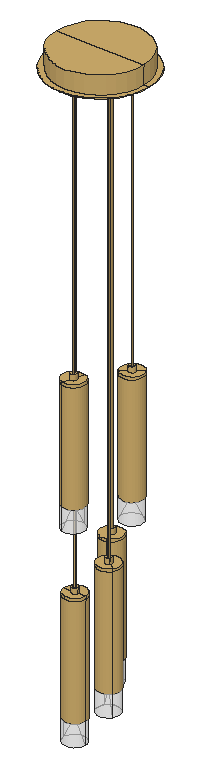
Revit family "3-6194-xx Alarum pendant", category Luminarias, Revit 2021
Family settings
  Anfitrión = Techo
  Cota de conector redondo = Diámetro de uso
  Tipo de pieza = Normal
  Número OmniClass = 23.80.70.11
  Título OmniClass = Luminaries for Internal Lighting
  Siempre vertical = Sí
  Corte con vacíos al cargar = No
  Origen de luz = Sí
  Compartido = No
  Punto de cálculo de habitación = No
Parameters (values of type "3-6194-40 / Aged Brass - Matte White Acrylic")
  Pendant height [instance] = 60.00"
  Comentarios de vataje = "19 W at 120 V"  # constant formula
  Wattage = 19 W
  built-in parameter 1150110 = 1 (stored number, unit not read)
  Voltage Input = "120 V or 277 V - 50/60 Hz"  # constant formula
  Voltage = 277 V
  URL = ""
  built-in parameter 1114217 = 1 (stored number, unit not read)
  Tilt Angle = 90.00°  # constant formula
  built-in parameter 1150109 = 1 (stored number, unit not read)
  built-in parameter 1150134 = (empty or 0)
  built-in parameter 1150113 = 1 (stored number, unit not read)
  References = "Ref. 3 = 120 V / Ref. 37 = 277 V"  # constant formula
  Archivo de red fotométrica = "3-6194-15 Alarum 5 Lt Pendant.ies"
  Modelo = "3-6194-xxx Alarun (Pendant)"  # constant formula
  Metal Finish = 40 - Aged Brass
  Fabricante = "Oxygen Lighting"  # constant formula
  Main Diffuser = Matte White Acrylic
  Lumens = 822.7 lm
  built-in parameter 1150115 = 1 (stored number, unit not read)
  built-in parameter 1150105 = 65.468 (stored number, unit not read)
  built-in parameter 1150137 = (empty or 0)
  built-in parameter 1150139 = (empty or 0)
  built-in parameter 1150112 = 1 (stored number, unit not read)
  built-in parameter 1150114 = 1 (stored number, unit not read)
  Lámpara = "LED"  # constant formula
  built-in parameter 1150132 = (empty or 0)
  built-in parameter 1150102 = (empty or 0)
  built-in parameter 1150138 = (empty or 0)
  built-in parameter 1150107 = 3000 (stored number, unit not read)
  built-in parameter 1150106 = 0.65468 (stored number, unit not read)
  built-in parameter 1150104 = 4.0227 (stored number, unit not read)
  Dimming Lamp Color Temperature Shift = (empty or 0)
  Default Elevation = 0.00"
  Color Filter = 16777215
  built-in parameter 1114218 = 1 (stored number, unit not read)
  built-in parameter 1150133 = 10 (stored number, unit not read)
Types (3): name | Metal Finish
  (no name) | 40 - Aged Brass
  3-6194-15 / Black - Matte White Acrylic | 15 - Black
  3-6194-40 / Aged Brass - Matte White Acrylic | 40 - Aged Brass
Reference planes (in)
  plane 1 "Light Source Axis (F/B)": y = 0
  plane 2 "Ceiling": z = 96
  plane 3 "Light Source Axis (L/R)": x = 0
  plane 4 "Light Source Elevation": z = 36
  plane 5: z = 93.75989
  plane 6: z = 36
  plane 7: z = 49.18125
  plane 8: z = 40.66696
  plane 9: z = 53.42064
  plane 10: z = 55.7891
  plane 11: z = 68.97035
Forms (in)
  Revolve 1, solid, material "40 - Aged Brass" <- "Metal Finish"
    sketch origin (0, 0, 0) x (1, 0, 0) y (0, 0, 1)
      loop
        line (0, 96) -> (0, 94.28413) -> (4.70317, 94.28413) -> (4.70317, 94.32914) -> (4.17997, 94.32914) -> (4.17997, 96) -> (0, 96)
      axis (0, 96) -> (0, 94.28413)
    angle from 0 to 360
  Revolve 2, solid, material "40 - Aged Brass" <- "Metal Finish"
    sketch origin (0, 0, 0) x (1, 0, 0) y (0, 0, 1)
      loop
        line (-2.39097, 94.28413) -> (-2.39097, 49.18125) -> (-2.32166, 49.18125) -> (-2.32166, 93.90158) -> (-2.2897, 93.90158) -> (-2.2897, 94.14349)
        arc (-2.2897, 94.14349) -> (-2.17586, 94.16632) -> (-2.06467, 94.19975) r 1.23484
        line (-2.06467, 94.19975) -> (-2.06467, 94.28413) -> (-2.39097, 94.28413)
      axis (-2.39097, 49.18125) -> (-2.39097, 94.28413)
    angle from 0 to 360
  Revolve 3, solid, material "40 - Aged Brass" <- "Metal Finish"
    sketch origin (0, 0, 0) x (0.309017, -0.951057, 0) y (0, 0, 1)
      loop
        line (-2.39097, 94.28413) -> (-2.39097, 53.42064) -> (-2.32166, 53.42064) -> (-2.32166, 93.90158) -> (-2.2897, 93.90158) -> (-2.2897, 94.14349)
        arc (-2.2897, 94.14349) -> (-2.17586, 94.16632) -> (-2.06467, 94.19975) r 1.23484
        line (-2.06467, 94.19975) -> (-2.06467, 94.28413) -> (-2.39097, 94.28413)
      axis (-2.39097, 53.42064) -> (-2.39097, 94.28413)
    angle from 0 to 360
  Revolve 4, solid, material "40 - Aged Brass" <- "Metal Finish"
    sketch origin (0, 0, 0) x (-0.809017, -0.587785, 0) y (0, 0, 1)
      loop
        line (-2.39097, 94.28413) -> (-2.39097, 68.97035) -> (-2.32166, 68.97035) -> (-2.32166, 93.90158) -> (-2.2897, 93.90158) -> (-2.2897, 94.14349)
        arc (-2.2897, 94.14349) -> (-2.17586, 94.16632) -> (-2.06467, 94.19975) r 1.23484
        line (-2.06467, 94.19975) -> (-2.06467, 94.28413) -> (-2.39097, 94.28413)
      axis (-2.39097, 68.97035) -> (-2.39097, 94.28413)
    angle from 0 to 360
  Revolve 5, solid, material "40 - Aged Brass" <- "Metal Finish"
    sketch origin (0, 0, 0) x (-0.809017, 0.587785, 0) y (0, 0, 1)
      loop
        line (-2.39097, 94.28413) -> (-2.39097, 53.42064) -> (-2.32166, 53.42064) -> (-2.32166, 93.90158) -> (-2.2897, 93.90158) -> (-2.2897, 94.14349)
        arc (-2.2897, 94.14349) -> (-2.17586, 94.16632) -> (-2.06467, 94.19975) r 1.23484
        line (-2.06467, 94.19975) -> (-2.06467, 94.28413) -> (-2.39097, 94.28413)
      axis (-2.39097, 53.42064) -> (-2.39097, 94.28413)
    angle from 0 to 360
  Revolve 6, solid, material "40 - Aged Brass" <- "Metal Finish"
    sketch origin (0, 0, 0) x (0.309017, 0.951057, 0) y (0, 0, 1)
      loop
        line (-2.39097, 94.28413) -> (-2.39097, 68.97035) -> (-2.32166, 68.97035) -> (-2.32166, 93.90158) -> (-2.2897, 93.90158) -> (-2.2897, 94.14349)
        arc (-2.2897, 94.14349) -> (-2.17586, 94.16632) -> (-2.06467, 94.19975) r 1.23484
        line (-2.06467, 94.19975) -> (-2.06467, 94.28413) -> (-2.39097, 94.28413)
      axis (-2.39097, 68.97035) -> (-2.39097, 94.28413)
    angle from 0 to 360
Lines and regions (in)
  symbolic lines
    curve 1: line (-17.5, 13.77739, 0) -> (17.5, 13.77739, 0)
Dimensions and locks (in)
  equal spacing: host sketch curve, plane 3 "Light Source Axis (L/R)", host sketch curve
  equal spacing: host sketch curve, plane 1 "Light Source Axis (F/B)", host sketch curve
  host sketch curve to host sketch curve = 120.00"  (x2)
  locked: plane 2 "Ceiling" to plane 5 at 2.24011
  "Pendant height": plane 2 "Ceiling" to plane 4 "Light Source Elevation"
  locked: plane 7 to plane 6 at 13.18125
  locked: plane 8 to plane 6 at 4.66696
  locked: plane 9 to plane 8 at 12.75369
  locked: plane 10 to plane 9 at 2.36846
  locked: plane 11 to plane 10 at 13.18125
  aligned and locked: plane 4 "Light Source Elevation" to imposter light
  aligned and locked: imposter light to plane 3 "Light Source Axis (L/R)"
  aligned and locked: imposter light to plane 1 "Light Source Axis (F/B)"
  aligned and locked: plane 6 to nested 1
  aligned and locked: Revolve 2 to plane 7
  aligned and locked: plane 8 to nested 4
  aligned and locked: plane 9 to Revolve 5
  aligned and locked: plane 8 to nested 2
  aligned and locked: plane 10 to nested 5
  aligned and locked: plane 10 to nested 3
  aligned and locked: plane 11 to Revolve 6
  aligned and locked: plane 9 to Revolve 3
  aligned and locked: plane 11 to Revolve 4
  aligned and locked: plane 4 "Light Source Elevation" to plane 6
Automatic sketch dimensions
  curve 1 to plane 3 "Light Source Axis (L/R)" = 17.50"
  curve 1 to plane 1 "Light Source Axis (F/B)" = 13.77739"
  plane 3 "Light Source Axis (L/R)" to curve 1 = 17.50"
  Revolve 1 sketch curve to plane 3 "Light Source Axis (L/R)" = 0.00"  (x2)
  Revolve 1 sketch curve to plane 2 "Ceiling" = 0.00"
  Revolve 1 sketch curve to plane 5 = 0.56925"
  plane 3 "Light Source Axis (L/R)" to Revolve 1 sketch curve = 4.17997"
  Revolve 1 sketch curve to Revolve 1 sketch curve = 0.5232"
  Revolve 1 sketch curve to plane 5 = 0.52425"
  Revolve 1 sketch curve to level = 1.64759"
  plane 2 "Ceiling" to Revolve 1 sketch curve = 4.25"
  Revolve 2 sketch curve to plane 2 "Ceiling" = 0.63571"
  Revolve 2 sketch curve to plane 3 "Light Source Axis (L/R)" = 2.47535"
  Revolve 2 sketch curve to plane 3 "Light Source Axis (L/R)" = 2.39097"
  Revolve 2 sketch curve to Revolve 2 sketch curve = 0.06931"
  Revolve 2 sketch curve to Revolve 2 sketch curve = 0.03196"
  Revolve 2 sketch curve to Revolve 2 sketch curve = 0.22503"
  Revolve 2 sketch curve to plane 5 = 0.52425"
  Revolve 2 sketch curve to Revolve 2 sketch curve = 0.08439"  (x2)
  Revolve 2 sketch curve to plane 5 = 0.14169"
  Revolve 2 sketch curve to plane 4 "Light Source Elevation" = 13.18125"
  Revolve 2 sketch curve to Revolve 2 sketch curve = 0.4708"
  Revolve 2 sketch curve to Revolve 2 sketch curve = 0.00"
  Revolve 3 sketch curve to plane 7 = 4.23939"
  Revolve 3 sketch curve to plane 2 "Ceiling" = 0.63571"
  Revolve 3 sketch curve to plane 5 = 0.52425"
  Revolve 3 sketch curve to Revolve 3 sketch curve = 0.08439"  (x2)
  Revolve 3 sketch curve to Revolve 3 sketch curve = 0.06931"
  Revolve 3 sketch curve to Revolve 3 sketch curve = 0.03196"
  Revolve 3 sketch curve to Revolve 3 sketch curve = 0.22503"
  Revolve 3 sketch curve to plane 5 = 0.14169"
  Revolve 3 sketch curve to Revolve 3 sketch curve = 0.14064"
  Revolve 3 sketch curve to Revolve 3 sketch curve = 0.00"
  Revolve 3 sketch curve to Revolve 3 sketch curve = 0.4708"
  Revolve 4 sketch curve to plane 7 = 19.7891"
  Revolve 4 sketch curve to plane 2 "Ceiling" = 0.63571"
  Revolve 4 sketch curve to plane 5 = 0.52425"
  Revolve 4 sketch curve to Revolve 4 sketch curve = 0.08439"  (x2)
  Revolve 4 sketch curve to Revolve 4 sketch curve = 0.06931"
  Revolve 4 sketch curve to Revolve 4 sketch curve = 0.03196"
  Revolve 4 sketch curve to Revolve 4 sketch curve = 0.22503"
  Revolve 4 sketch curve to plane 5 = 0.14169"
  Revolve 4 sketch curve to Revolve 4 sketch curve = 0.14064"
  Revolve 4 sketch curve to Revolve 4 sketch curve = 0.00"
  Revolve 4 sketch curve to Revolve 4 sketch curve = 0.4708"
  Revolve 5 sketch curve to plane 7 = 4.23939"
  Revolve 5 sketch curve to plane 2 "Ceiling" = 0.63571"
  Revolve 5 sketch curve to plane 5 = 0.52425"
  Revolve 5 sketch curve to Revolve 5 sketch curve = 0.08439"  (x2)
  Revolve 5 sketch curve to Revolve 5 sketch curve = 0.06931"
  Revolve 5 sketch curve to Revolve 5 sketch curve = 0.03196"
  Revolve 5 sketch curve to Revolve 5 sketch curve = 0.22503"
  Revolve 5 sketch curve to plane 5 = 0.14169"
  Revolve 5 sketch curve to Revolve 5 sketch curve = 0.14064"
  Revolve 5 sketch curve to Revolve 5 sketch curve = 0.00"
  Revolve 5 sketch curve to Revolve 5 sketch curve = 0.4708"
  Revolve 6 sketch curve to plane 7 = 19.7891"
  Revolve 6 sketch curve to plane 2 "Ceiling" = 0.63571"
  Revolve 6 sketch curve to plane 5 = 0.52425"
  Revolve 6 sketch curve to Revolve 6 sketch curve = 0.08439"  (x2)
  Revolve 6 sketch curve to Revolve 6 sketch curve = 0.06931"
  Revolve 6 sketch curve to Revolve 6 sketch curve = 0.03196"
  Revolve 6 sketch curve to Revolve 6 sketch curve = 0.22503"
  Revolve 6 sketch curve to plane 5 = 0.14169"
  Revolve 6 sketch curve to Revolve 6 sketch curve = 0.14064"
  Revolve 6 sketch curve to Revolve 6 sketch curve = 0.00"
  Revolve 6 sketch curve to Revolve 6 sketch curve = 0.4708"
Nested families (in)
  nested 1: "Familia1" at (-2.38534, 0, 36), type "Familia1"
  nested 2: "Familia1" at (-0.73711, 2.26859, 40.66696) x (0.309, -0.9511, 0) z (0, 0, 1), type "Familia1"
  nested 3: "Familia1" at (1.92978, 1.40207, 55.7891) x (-0.809, -0.5878, 0) z (0, 0, 1), type "Familia1"
  nested 4: "Familia1" at (1.92978, -1.40207, 40.66696) x (-0.809, 0.5878, 0) z (0, 0, 1), type "Familia1"
  nested 5: "Familia1" at (-0.73711, -2.26859, 55.7891) x (0.309, 0.9511, 0) z (0, 0, 1), type "Familia1"
Connectors (in)
  electrical at (0, 0, 96), driven by "Voltage"
    settings: on host ceiling, index 1, voltage 277 V, apparent load 0 VA, apparent load phase1 0 VA, apparent load phase2 0 VA, apparent load phase3 0 VA, power factor 1, load classification "Other", number of poles 1, system type 31, power factor state 1, is connector primary yes, connector utility no, sub classification motor no, connector description ""
Definition of nested family "Familia1"
  Parameters (values of type "Familia1")
    met = none
    dif = none
    Metal Finish = none
    Default Elevation = 0.00"
  Reference planes (in)
    plane 1 "Center (Front/Back)": y = 0
    plane 2: z = 0
    plane 3 "Center (Left/Right)": x = 0
  Forms (in)
    Revolve 1, solid, material <- "met", not visible
      sketch origin (62.92501, 4.46564, 0) x (1, 0, 0) y (0, 0, 1)
        loop
          line (-16.01227, 62.4681) -> (-16.01227, 66.59242) -> (-16.99275, 66.59242) -> (-16.99275, 62.4681) -> (-16.01227, 62.4681)
        axis (-16.99275, 66.59242) -> (-16.99275, 62.4681)
      angle from 0 to 360
    Revolve 2, solid, material <- "dif", not visible
      sketch origin (62.92501, 4.46564, 0) x (1, 0, 0) y (0, 0, 1)
        loop
          line (-16.99275, 68.56037) -> (-16.99275, 66.59242) -> (-16.01227, 66.59242) -> (-16.01227, 68.56037) -> (-16.99275, 68.56037)
        loop
          line (-16.01227, 62.4681) -> (-16.99275, 62.4681) -> (-16.99275, 60.50015) -> (-16.01227, 60.50015) -> (-16.01227, 62.4681)
        axis (-16.99275, 60.50015) -> (-16.99275, 68.56037)
      angle from 0 to 360
    Revolve 3, solid, material <- "met"
      sketch origin (1.66805, 0, -59.28604) x (1, 0, 0) y (0, 0, 1)
        loop
          line (-1.66805, 72.46729) -> (-1.66805, 61.37321) -> (-0.62447, 61.37321) -> (-0.62447, 71.82594) -> (-0.62447, 72.03973) -> (-1.3727, 72.03973) -> (-1.3727, 72.46729) -> (-1.66805, 72.46729)
        axis (-1.66805, 72.46729) -> (-1.66805, 61.37321)
      angle from 0 to 360
    Revolve 4, solid, material <- "dif"
      sketch origin (1.66805, 0, -59.28604) x (1, 0, 0) y (0, 0, 1)
        loop
          line (-1.66805, 61.37321) -> (-1.66805, 59.28604) -> (-0.62447, 59.28604) -> (-0.62447, 61.37321) -> (-1.66805, 61.37321)
        axis (-1.66805, 59.28604) -> (-1.66805, 61.37321)
      angle from 0 to 360
  Dimensions and locks (in)
    aligned and locked: level to plane 2
